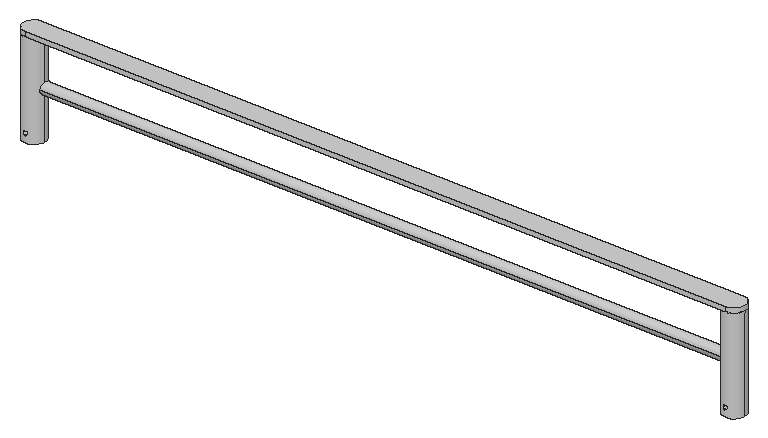
Revit family "Urbane II Double Towel Rail", category Specialty Equipment, host Face, Revit 2019
Family settings
  Host = Face
  Round Connector Dimension = Use Radius
  Part Type = Normal
  OmniClass Number = 23.40.20.21.27
  OmniClass Title = Towel Bars
  Cut with Voids When Loaded = No
  Shared = No
  Room Calculation Point = No
Parameters (values of type "Urbane II Double Towel Rail - Chrome")
  URL = "https://www.caroma.com.au/"
  RailWidth = 800 mm
  Model = "99616C"
  Material_Base = GWA_Metal-Chrome
  Manufacturer = "GWA Bathrooms & Kitchens"  # constant formula
  Description = "Urbane II Double Towel Rail - Chrome"
  Default Elevation = 1000 mm
  CreatedBy_ANZRS = "GWA Bathrooms & Kitchens"  # constant formula
  Assembly Code = "C1030220"
Types (6, lengths in mm): name | Model | Material_Base | Description
  (no name) | "99616C" | GWA_Metal-Chrome | "Urbane II Double Towel Rail - Chrome"
  Urbane II Double Towel Rail - Chrome | "99616C" | GWA_Metal-Chrome | "Urbane II Double Towel Rail - Chrome"
  Urbane II Double Towel Rail - Matte Black | "99616B" | GWA-Metal-Black | "Urbane II Double Towel Rail - Matte Black"
  Urbane II Double Towel Rail  - Brushed Brass | "99616BR" | GWA_Metal-Brushed-Brass | "Urbane II Double Towel Rail  - Brushed Brass"
  Urbane II Double Towel Rail - Gunmetal | "99616GM" | GWA-Metal-Gunmetal Grey | "Urbane II Double Towel Rail - Gunmetal"
  Urbane II Double Towel Rail - Brushed Nickel | "99616BN" | GWA_Metal-Brushed-Nickel | "Urbane II Double Towel Rail - Brushed Nickel"
Reference planes
  plane 1 "Center (Front/Back)": y = 0
  plane 2: z = 0
  plane 3 "Center (Left/Right)": x = 0
  plane 4 "LeftSupport": x = -400
  plane 5 "RightSupport": x = 400
  plane 6 "Rail": z = 108
Forms (mm)
  Extrusion 1, solid, material "GWA_Metal-Chrome" <- "Material_Base"
    sketch origin (0, 0, 0) x (1, 0, 0) y (0, 1, 0)
      loop
        circle (-400, 0) r 12.5
    from 0 to 108
  Extrusion 2, solid, material "GWA_Metal-Chrome" <- "Material_Base"
    sketch origin (0, 0, 0) x (1, 0, 0) y (0, 1, 0)
      loop
        circle (400, 0) r 12.5
    from 0 to 108
  Extrusion 3, solid, material "GWA_Metal-Chrome" <- "Material_Base"
    sketch origin (0, 0, 108) x (-1, 0, 0) y (0, -1, 0)
      loop
        arc (400, -12.5) -> (412.5, 0) -> (400, 12.5) r 12.5
        line (400, 12.5) -> (-400, 12.5)
        arc (-400, 12.5) -> (-412.5, 0) -> (-400, -12.5) r 12.5
        line (-400, -12.5) -> (400, -12.5)
    from 0 to 5
  Extrusion 4, solid, material "GWA_Metal-Chrome" <- "Material_Base"
    sketch origin (400, 0, 7.124) x (0, 1, 0) y (0, 0, 1)
      loop
        circle (0, 47.876) r 6.35
    from 0 to -800
  Extrusion 5, void
    sketch origin (0, 0, 0) x (1, 0, 0) y (0, 0, 1)
      loop
        circle (-400, 10) r 2.5
    from 0 to 30
  Extrusion 6, void
    sketch origin (0, 0, 0) x (-1, 0, 0) y (0, 0, -1)
      loop
        circle (-400, -10) r 2.5
    from 0 to 30
Cuts and joins
  Extrusion 5, Extrusion 6 cuts Extrusion 1
  Extrusion 6 cuts Extrusion 2
  joined: Extrusion 1, Extrusion 2, Extrusion 4
  Extrusion 6 cuts Extrusion 3
Lines and regions (mm)
  Masking region 1
    outline origin (0, 0, 108) x (-1, 0, 0) y (0, -1, 0)
      loop
        line (-400, -12.5) -> (400, -12.5)
        arc (400, -12.5) -> (412.5, 0) -> (400, 12.5) r 12.5
        line (400, 12.5) -> (-400, 12.5)
        arc (-400, 12.5) -> (-412.5, 0) -> (-400, -12.5) r 12.5
  Masking region 2
    outline origin (0, 0, 0) x (1, 0, 0) y (0, 0, 1)
      loop
        line (412.5, 113) -> (-412.5, 113) -> (-412.5, 108) -> (-412.5, 0) -> (-387.5, 0) -> (-387.5, 48.65) -> (387.5, 48.65) -> (387.5, 0) -> (412.5, 0) -> (412.5, 108) -> (412.5, 113)
      loop
        line (-387.5, 108) -> (-387.5, 61.35) -> (387.5, 61.35) -> (387.5, 108) -> (-387.5, 108)
  Masking region 3
    outline origin (400, 0, 0) x (0, 1, 0) y (0, 0, 1)
      loop
        line (-12.5, 113) -> (-12.5, 0) -> (12.5, 0) -> (12.5, 113) -> (-12.5, 113)
  symbolic lines
    curve 1: arc (-400, 12.5, 108) -> (-412.5, 0, 108) -> (-400, -12.5, 108) r 12.5
    curve 2: line (400, 12.5, 108) -> (-400, 12.5, 108)
    curve 3: line (400, -12.5, 108) -> (-400, -12.5, 108)
    curve 4: arc (400, -12.5, 108) -> (412.5, 0, 108) -> (400, 12.5, 108) r 12.5
    curve 5: line (412.5, 0, 108) -> (412.5, 0, 0)
    curve 6: line (412.5, 0, 0) -> (387.5, 0, 0)
    curve 7: line (387.5, 0, 0) -> (387.5, 0, 48.65)
    curve 8: line (387.5, 0, 108) -> (387.5, 0, 61.35)
    curve 9: arc (387.5, 0, 61.35) -> (389.233, 0, 55) -> (387.5, 0, 48.65) r 12.5
    curve 10: line (412.5, 0, 113) -> (-412.5, 0, 113)
    curve 11: line (412.5, 0, 108) -> (412.5, 0, 113)
    curve 12: line (-412.5, 0, 108) -> (412.5, 0, 108)
    curve 13: line (-412.5, 0, 113) -> (-412.5, 0, 108)
    curve 14: line (-387.5, 0, 108) -> (-387.5, 0, 61.35)
    curve 15: line (-412.5, 0, 108) -> (-412.5, 0, 0)
    curve 16: line (-387.5, 0, 0) -> (-387.5, 0, 48.65)
    curve 17: arc (-387.5, 0, 48.65) -> (-389.233, 0, 55) -> (-387.5, 0, 61.35) r 12.5
    curve 18: line (-412.5, 0, 0) -> (-387.5, 0, 0)
    curve 19: line (-387.5, 0, 61.35) -> (387.5, 0, 61.35)
    curve 20: line (387.5, 0, 48.65) -> (-387.5, 0, 48.65)
    curve 21: line (400, -12.5, 113) -> (400, 12.5, 113)
    curve 22: line (400, -12.5, 108) -> (400, -12.5, 113)
    curve 23: line (400, 12.5, 108) -> (400, -12.5, 108)
    curve 24: line (400, 12.5, 113) -> (400, 12.5, 108)
    curve 25: line (400, -12.5, 0) -> (400, -12.5, 108)
    curve 26: line (400, 12.5, 0) -> (400, -12.5, 0)
    curve 27: line (400, 12.5, 108) -> (400, 12.5, 0)
Dimensions and locks
  "RailWidth": plane 4 "LeftSupport" to plane 5 "RightSupport"
  equal spacing: plane 4 "LeftSupport", plane 3 "Center (Left/Right)", plane 5 "RightSupport"
  aligned and locked: plane 2 to host face
  aligned and locked: level to host face
  aligned and locked: Extrusion 4 to plane 4 "LeftSupport"
  aligned and locked: plane 5 "RightSupport" to Extrusion 4
Automatic sketch dimensions
  host sketch curve to host sketch curve = 2438.4 mm  (x2)
  plane 1 "Center (Front/Back)" to Extrusion 1 sketch curve = 0 mm
  Extrusion 1 sketch curve to plane 4 "LeftSupport" = 0 mm
  plane 1 "Center (Front/Back)" to Extrusion 2 sketch curve = 0 mm
  Extrusion 2 sketch curve to plane 5 "RightSupport" = 0 mm
  Extrusion 3 sketch curve to plane 5 "RightSupport" = 0 mm
  Extrusion 3 sketch curve to plane 4 "LeftSupport" = 0 mm
  plane 1 "Center (Front/Back)" to Extrusion 3 sketch curve = 0 mm
  Extrusion 3 sketch curve to plane 1 "Center (Front/Back)" = 12.5 mm
  Extrusion 4 sketch curve to plane 1 "Center (Front/Back)" = 0 mm
  Extrusion 4 sketch curve to plane 6 "Rail" = 53 mm
  Extrusion 5 sketch curve to plane 4 "LeftSupport" = 0 mm
  level to Extrusion 5 sketch curve = 10 mm
  Extrusion 6 sketch curve to plane 5 "RightSupport" = 0 mm
  Extrusion 6 sketch curve to level = 10 mm
  curve 1 to plane 4 "LeftSupport" = 0 mm
  plane 1 "Center (Front/Back)" to curve 4 = 12.5 mm
  curve 3 to plane 5 "RightSupport" = 0 mm
  plane 1 "Center (Front/Back)" to curve 4 = 0 mm
  Masking region 1 sketch curve to plane 5 "RightSupport" = 0 mm
  Masking region 1 sketch curve to plane 4 "LeftSupport" = 0 mm
  plane 1 "Center (Front/Back)" to Masking region 1 sketch curve = 0 mm
  Masking region 1 sketch curve to Masking region 1 sketch curve = 12.5 mm
  curve 13 to plane 6 "Rail" = 0 mm
  curve 18 to level = 0 mm
  curve 7 to level = 0 mm
  plane 6 "Rail" to curve 13 = 5 mm
  curve 13 to plane 4 "LeftSupport" = 12.5 mm
  plane 4 "LeftSupport" to curve 16 = 12.5 mm
  plane 4 "LeftSupport" to curve 14 = 12.5 mm
  curve 17 to curve 17 = 10.767 mm
  curve 9 to plane 5 "RightSupport" = 23.267 mm
  curve 7 to plane 5 "RightSupport" = 12.5 mm
  curve 19 to plane 5 "RightSupport" = 12.5 mm
  plane 5 "RightSupport" to curve 11 = 12.5 mm
  curve 16 to curve 16 = 48.65 mm
  curve 16 to curve 17 = 6.35 mm
  Masking region 2 sketch curve to plane 6 "Rail" = 0 mm  (x3)
  Masking region 2 sketch curve to level = 0 mm  (x2)
  plane 6 "Rail" to Masking region 2 sketch curve = 5 mm
  Masking region 2 sketch curve to plane 4 "LeftSupport" = 12.5 mm
  plane 4 "LeftSupport" to Masking region 2 sketch curve = 12.5 mm  (x2)
  Masking region 2 sketch curve to plane 5 "RightSupport" = 12.5 mm  (x2)
  plane 5 "RightSupport" to Masking region 2 sketch curve = 12.5 mm
  Masking region 2 sketch curve to Masking region 2 sketch curve = 48.65 mm
  Masking region 2 sketch curve to Masking region 2 sketch curve = 12.7 mm
  curve 26 to level = 0 mm
  curve 25 to plane 6 "Rail" = 0 mm
  plane 6 "Rail" to curve 21 = 5 mm
  plane 1 "Center (Front/Back)" to curve 21 = 12.5 mm
  curve 23 to plane 1 "Center (Front/Back)" = 12.5 mm
  Masking region 3 sketch curve to level = 0 mm
  plane 1 "Center (Front/Back)" to Masking region 3 sketch curve = 12.5 mm
  Masking region 3 sketch curve to plane 1 "Center (Front/Back)" = 12.5 mm
  plane 6 "Rail" to Masking region 3 sketch curve = 5 mm
  radius of Extrusion 1 sketch curve = 12.5 mm
  radius of Extrusion 2 sketch curve = 12.5 mm
  radius of Extrusion 4 sketch curve = 6.35 mm
  radius of Extrusion 5 sketch curve = 2.5 mm
  radius of Extrusion 6 sketch curve = 2.5 mm
